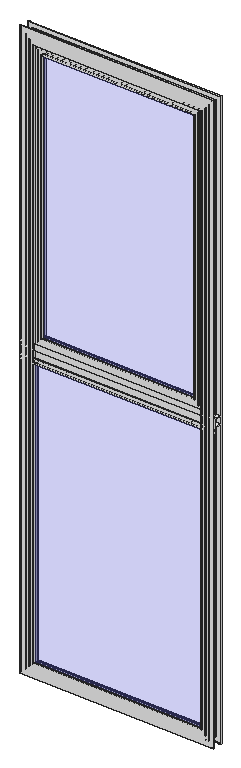
Revit family "WAL_A3-Thermosash-Window-600X1800-PS618L", category Windows, host Wall, Revit 2016
Family settings
  Host = Wall
  Always vertical = Yes
  Cut with Voids When Loaded = No
  Shared = No
  Room Calculation Point = No
Parameters (values of type "600 x 1800 PS618L Thermosas")
  URL = "www.agi.co.za"
  Trim Material = Metal - Aluminium
  Model = "Top Hung"
  Manufacturer Code = "PS618L"
  Manufacturer = "AGI Aluminium"
  Height = 1800 mm
  Glass Material = Glass
  Frame Material = Metal - Aluminium
  Description = "Thermosash Window"
  Default Sill Height = 800 mm
  Wall Closure = By host
  Width = 600 mm
  Assembly Code = "B2020110"
Reference planes
  plane 1 "Center": y = 0
  plane 2 "Center (Left/Right)": x = 0
  plane 3 "Left": x = -300
  plane 4 "Right": x = 300
  plane 5 "Sill": z = 800
  plane 6 "Head": z = 2600
  plane 7 "Exterior": y = 75
  plane 8 "Interior": y = -75
  plane 9: z = 2602
  plane 10: x = 302
  plane 11: x = -302
  plane 12: z = 798
  plane 13: z = 2564
  plane 14: z = 813.9
  plane 15: x = 264
  plane 16: x = -264
  plane 17: z = 1700
  plane 18: z = 1722
  plane 19: z = 1684
  plane 20: x = 286.1
  plane 21: x = -286.1
Forms (mm)
  Sweep 1, solid, material "Metal - Aluminium", detail levels medium+fine
    path origin (0, 0, 0) x (1, 0, 0) y (0, 0, 1)
      loop
        line (300, 2600) -> (-300, 2600) -> (-300, 800) -> (300, 800) -> (300, 2600)
    profile "Frame : Frame" origin (0, 0, 2600) x (0, 0, -1) y (0, -1, 0)
      loop
        line (0, -30) -> (28, -30) -> (28, -29) -> (26, -29) -> (26, -1) -> (28, -1) -> (28, -7) -> (29, -7) -> (29, -1) -> (37, -1) -> (37, -3.645) -> (38, -3.645) -> (38, -1) -> (40, -1) -> (40, -3.645) -> (41, -3.645) -> (41, 0) -> (0, 0) -> (0, -2) -> (1, -2) -> (1, -1) -> (15.005, -1) -> (15.005, -4) -> (16.005, -4) -> (16.005, -1) -> (25, -1) -> (25, -29) -> (16.005, -29) -> (16.005, -26) -> (15.005, -26) -> (15.005, -29) -> (1, -29) -> (1, -28) -> (0, -28) -> (0, -30)
  Sweep 2, solid, material "Metal - Aluminium", detail levels medium+fine
    path origin (0, 0, 0) x (1, 0, 0) y (0, 0, 1)
      loop
        line (300, 1700) -> (-300, 1700)
    profile "30 x 50 Center Divide : 30 x 50 Center Divide" origin (0, 0, 1700) x (0, 0, -1) y (0, -1, 0)
      loop
        line (-11, -5) -> (-11, -29) -> (11, -29) -> (11, -5) -> (-11, -5)
      loop
        line (-27.011, 0) -> (-27.011, -3.245) -> (-26.011, -3.245) -> (-26.011, -1) -> (-24.011, -1) -> (-24.011, -3.245) -> (-23.011, -3.245) -> (-23.011, -1) -> (-15.011, -1) -> (-15.011, -6.6) -> (-14.011, -6.6) -> (-14.011, -1) -> (-13.142, -1) -> (-12, -5.263) -> (-12, -29) -> (-14, -29) -> (-14, -30) -> (14, -30) -> (14, -29) -> (12, -29) -> (12, -5.263) -> (13.142, -1) -> (14, -1) -> (14, -7) -> (15, -7) -> (15, -1) -> (23, -1) -> (23, -3.645) -> (24, -3.645) -> (24, -1) -> (26, -1) -> (26, -3.645) -> (27, -3.645) -> (27, 0) -> (12.375, 0) -> (11.303, -4) -> (-11.303, -4) -> (-12.375, 0) -> (-27.011, 0)
  Sweep 3, solid, material "Metal - Aluminium", detail levels medium+fine
    path origin (0, 0, 0) x (1, 0, 0) y (0, 0, 1)
      loop
        line (300, 2602) -> (-300, 2602) -> (-300, 1684) -> (300, 1684) -> (300, 2602)
    profile "Casement : Casement" origin (0, 0, 2602) x (0, 0, -1) y (0, -1, 0)
      loop
        line (40, -4.645) -> (40, -32.645) -> (49, -32.645) -> (49, -4.645) -> (40, -4.645)
      loop
        line (65, -3.645) -> (37, -3.645) -> (37, -4.645) -> (39, -4.645) -> (39, -32.645) -> (37, -32.645) -> (37, -26.645) -> (36, -26.645) -> (36, -32.645) -> (28, -32.645) -> (28, -30) -> (27, -30) -> (27, -32.645) -> (25, -32.645) -> (25, -30) -> (24, -30) -> (24, -33.645) -> (50, -33.645) -> (50, -4.645) -> (52, -4.645) -> (52, -10.645) -> (53, -10.645) -> (53, -4.645) -> (61, -4.645) -> (61, -7.289) -> (62, -7.289) -> (62, -4.645) -> (64, -4.645) -> (64, -7.289) -> (65, -7.289) -> (65, -3.645)
  Sweep 4, solid, material "Metal - Aluminium", detail levels medium+fine
    path origin (0, 0, 0) x (1, 0, 0) y (0, 0, 1)
      loop
        line (286.1, 1700) -> (-286.1, 1700) -> (-286.1, 813.9) -> (286.1, 813.9) -> (286.1, 1700)
    profile "Trim : Trim" origin (0, 0, 1700) x (0, 0, -1) y (0, -1, 0)
      loop
        line (24.555, -1.643) -> (24.555, -4.05)
        arc (24.555, -4.05) -> (23.436, -4.753) -> (23, -6) r 2
        line (23, -6) -> (27, -6)
        arc (27, -6) -> (26.552, -4.739) -> (25.41, -4.042) r 2
        line (25.41, -4.042) -> (25.41, -1.643) -> (24.555, -1.643)
      loop
        line (14, -29) -> (29, -14) -> (29, -12.474) -> (26.323, -12.474)
        arc (26.323, -12.474) -> (26.823, -11.797) -> (27, -10.974) r 2
        line (27, -10.974) -> (23, -10.974)
        arc (23, -10.974) -> (23.177, -11.797) -> (23.677, -12.474) r 2
        line (23.677, -12.474) -> (13.467, -12.474) -> (13.467, -4) -> (12.5, -4) -> (12.5, -13.474) -> (20.535, -13.474) -> (24.323, -17.263) -> (12.586, -29) -> (14, -29)
  Sweep 5, solid, material "Metal - Aluminium", detail levels medium+fine
    path origin (0, 0, 0) x (1, 0, 0) y (0, 0, 1)
      loop
        line (264, 2564) -> (-264, 2564) -> (-264, 1722) -> (264, 1722) -> (264, 2564)
    profile "Trim : Trim" origin (0, 0, 2564) x (0, 0, -1) y (0, -1, 0)
      loop
        line (24.555, -4.643) -> (24.555, -7.05)
        arc (24.555, -7.05) -> (23.436, -7.753) -> (23, -9) r 2
        line (23, -9) -> (27, -9)
        arc (27, -9) -> (26.552, -7.739) -> (25.41, -7.042) r 2
        line (25.41, -7.042) -> (25.41, -4.643) -> (24.555, -4.643)
      loop
        line (14, -32) -> (29, -17) -> (29, -15.474) -> (26.323, -15.474)
        arc (26.323, -15.474) -> (26.823, -14.797) -> (27, -13.974) r 2
        line (27, -13.974) -> (23, -13.974)
        arc (23, -13.974) -> (23.177, -14.797) -> (23.677, -15.474) r 2
        line (23.677, -15.474) -> (13.467, -15.474) -> (13.467, -7) -> (12.5, -7) -> (12.5, -16.474) -> (20.535, -16.474) -> (24.323, -20.263) -> (12.586, -32) -> (14, -32)
  Extrusion 6, solid, material "Glass", detail levels medium+fine
    sketch origin (0, 0, 0) x (1, 0, 0) y (0, 1, 0)
      loop
        line (-263.118, 10.974) -> (-263.118, 6) -> (263.1, 6) -> (263.1, 10.974) -> (-263.118, 10.974)
    from 836.9 to 1677
  Extrusion 7, solid, material "Glass", detail levels medium+fine
    sketch origin (0, 0, 0) x (1, 0, 0) y (0, 1, 0)
      loop
        line (-241.018, 13.974) -> (-241.018, 9) -> (241, 9) -> (241, 13.974) -> (-241.018, 13.974)
    from 1745 to 2541
Cuts and joins
  joined: Sweep 1, Sweep 2
Lines and regions (mm)
  Opening 1
    outline origin (3500, -75, 0) x (1, 0, 0) y (0, 0, 1)
      loop
        line (-3200, 800) -> (-3200, 2600) -> (-3800, 2600) -> (-3800, 800) -> (-3200, 800)
  symbolic lines, style "Elevation Swing"
    curve 1: line (278, 0, 2578) -> (-276, 0, 2150)
    curve 2: line (-276, 0, 2150) -> (276, 0, 1708)
Text (mm)
  text "EXTERIOR" at (-1963.203, 1332.353, 0), in view "Ref. Level"
  text "INTERIOR" at (-1981.466, -818.386, 0), in view "Ref. Level"
  text "Exterior" at (0, 923.751, 2943.296), in view "Right"
  text "Exterior" at (0, 1040.484, 2685.409), in view "Left"
Dimensions and locks
  equal spacing: plane 3 "Left", plane 2 "Center (Left/Right)", plane 4 "Right"
  "Width": plane 3 "Left" to plane 4 "Right"
  "Height": plane 5 "Sill" to plane 6 "Head"
  "Default Sill Height": plane 5 "Sill" to level
  locked: plane 7 "Exterior" to host wall at 0
  locked: plane 8 "Interior" to host wall
  locked: plane 12 to plane 5 "Sill" at 2
  locked: plane 6 "Head" to plane 9 at 2
  locked: plane 4 "Right" to plane 10 at 2
  locked: plane 11 to plane 3 "Left" at 2
  locked: plane 15 to plane 4 "Right" at 36
  locked: plane 3 "Left" to plane 16 at 36
  locked: plane 5 "Sill" to plane 14 at 13.9
  locked: plane 13 to plane 6 "Head" at 36
  equal spacing: plane 5 "Sill", plane 17, plane 6 "Head"
  locked: plane 19 to plane 17 at 16
  locked: plane 17 to plane 18 at 22
  locked: plane 20 to plane 4 "Right" at 13.9
  locked: plane 21 to plane 3 "Left" at 13.9
  equal spacing: plane 17, curve 2, plane 6 "Head"
  aligned and locked: host wall to Sweep 1 sketch curve
  aligned and locked: Sweep 1 sketch curve to host wall  (x3)
  aligned and locked: plane 3 "Left" to Sweep 2 sketch curve
  aligned and locked: plane 4 "Right" to Sweep 2 sketch curve
  aligned and locked: Sweep 2 sketch curve to plane 17
  aligned and locked: plane 19 to Sweep 3 sketch curve
  aligned and locked: Sweep 3 sketch curve to Sweep 1  (x2)
  aligned and locked: Sweep 3 sketch curve to plane 9
  aligned and locked: plane 14 to Sweep 4 sketch curve
  aligned and locked: plane 20 to Sweep 4 sketch curve
  aligned and locked: Sweep 4 sketch curve to plane 21
  aligned and locked: Sweep 4 sketch curve to plane 17
  aligned and locked: plane 18 to Sweep 5 sketch curve
  aligned and locked: plane 15 to Sweep 5 sketch curve
  aligned and locked: Sweep 5 sketch curve to plane 13
  aligned and locked: Sweep 5 sketch curve to plane 16
  aligned and locked: Sweep 4 to Extrusion 6 sketch curve  (x2)
  aligned and locked: Extrusion 6 sketch curve to Sweep 4  (x2)
  aligned and locked: Extrusion 6 to Sweep 4  (x2)
  aligned and locked: Sweep 5 to Extrusion 7 sketch curve  (x2)
  aligned and locked: Extrusion 7 sketch curve to Sweep 5  (x2)
  aligned and locked: Extrusion 7 to Sweep 5  (x2)
Automatic sketch dimensions
  Opening 1 sketch curve to plane 3 "Left" = 0 mm
  Opening 1 sketch curve to plane 4 "Right" = 0 mm
  Opening 1 sketch curve to plane 5 "Sill" = 0 mm
  Opening 1 sketch curve to plane 6 "Head" = 0 mm
  plane 21 to curve 1 = 10.1 mm
  plane 20 to curve 2 = 10.1 mm
  plane 20 to curve 1 = 8.1 mm
  plane 17 to curve 2 = 8 mm
  plane 13 to curve 1 = 14 mm
